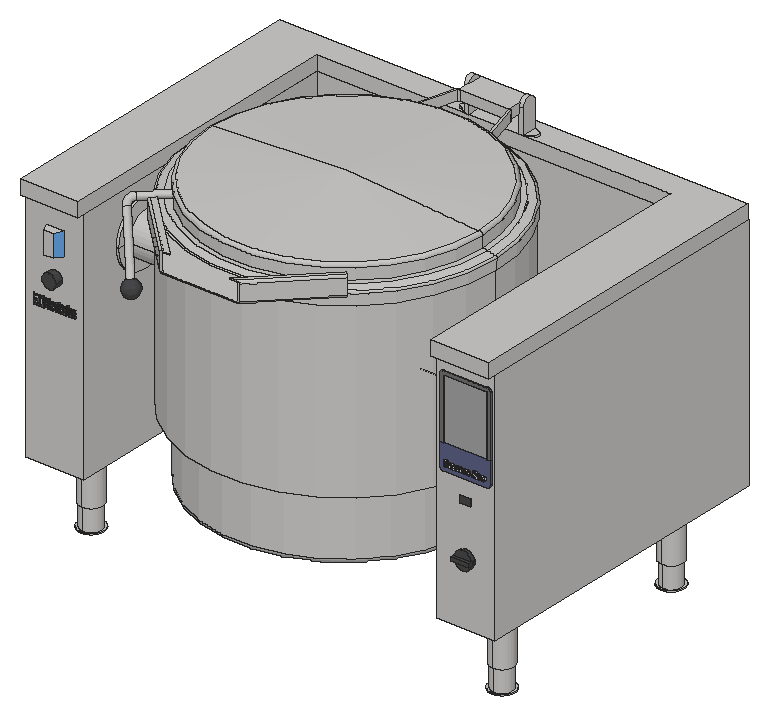
Revit family "QF_ELECTROLUXPROFESSIONAL_587160_PBOT15RCIO", category Attrezzature speciali, Revit 2020
Family settings
  Quota connettore circolare = Usa diametro
  Tipo di parte = Normale
  Basato su piano di lavoro = No
  Sempre verticale = Sì
  Taglio con vuoti quando caricato = No
  Condiviso = No
  Punto di calcolo locali = No
Parameters (values of type "Standard")
  Weight = 290.00 kg
  Watts = 24600 W
  Volts = 440 V
  URL Manufacturer = "https://www.electroluxprofessional.com/"
  URL = "https://www.electroluxprofessional.com/"
  Steam Supply Size = 0 mm
  Steam Supply Minimum Pressure = 0.0 Pa
  Steam Supply Maximum Pressure = 0.0 Pa
  Steam Consumption per Hour = 0
  Refrigeration Suction Line Size = 0.0 mm
  Refrigeration Liquid Line Size = 0.0 mm
  Refrigerant Compressor Remote = yes
  Prospetto di default = 0.0 mm
  Produttore = "Electrolux Professional"
  Phase = 3
  Modello = "PBOT15RCIO"
  Length Actual = 1300.0 mm  # constant formula
  Item Number = "587160"
  Hot Water Size = 12.7 mm
  Height Actual = 700.0 mm  # constant formula
  HP = "33 HP"
  Gas Size = 0 mm
  Gas KW = 0
  Gas Input Pressure = 0 W
  Direct Waste Size = 0 mm
  Descrizione = "ELECTRIC BOILING PAN, PREARR. FOR STIRRER, TILTING,150L,FS,440V,MARINE"
  Depth Actual = 900.0 mm  # constant formula
  Cycle = 50 Hz
  Condensate Return Size = 0 mm
  Compressed Air Volume = 0.0 L/s
  Compressed Air Size = 0 mm
  Compressed Air Pressure = 0.0 Pa
  Cold Water Size = 12.7 mm
  Accessory = yes
Reference planes
  plane 1 "Center (Front/Back)": y = 0
  plane 2: z = 0
  plane 3 "Center (Left/Right)": x = 0
  plane 4 "LEFT": x = -650
  plane 5 "RIGHT": x = 650
  plane 6 "BACK": y = 450
  plane 7 "FRONT": y = -450
  plane 8 "Base": z = 200
  plane 9 "TOP": z = 900
  plane 10: x = -490
  plane 11: x = 490
  plane 12 "Axe_PentolaY": y = -230
  plane 13 "AxePentolaZ": z = 730
  plane 14 "PLANE_TOP": z = 860
  plane 15: y = 380
  plane 16: x = -414.5
  plane 17 "PentolaH1": z = 910
  plane 18 "PentolaH2": z = 430
  plane 19 "Pentola_H3": z = 220
  plane 20: x = -378.5
  plane 21: y = -640
  plane 22 "CentroPentolaY": y = -133
  plane 23 "TopCoperchio": z = 1011
  plane 24 "Versamento": z = 940
  plane 25 "V1": through (-184.414, -566.187, 4000) normal (-0.7071, -0.7071, 0)
  plane 26 "V2": through (96.404, -654.197, 4000) normal (-0.7071, 0.7071, 0)
  plane 27 "Gfront": y = -1450
  plane 28 "LEVEL": through (-363.841, -304.214, 4000) normal (0.7071, 0.7071, 0)
  plane 29 "GRight": x = 250
  plane 30 "GLeft": x = -250
  plane 31: z = 1845
  plane 32 "Ribaltamento": y = -715
  plane 33: x = -570
  plane 34: x = 570
  plane 35 "AttaccoManiglia": z = 970
  plane 36 "GBack": y = -250
Forms (mm)
  Revolve 1, solid, material "QF_Finishes_Stainless Steel"
    sketch origin (0, 0, 730) x (-1, 0, 0) y (0, -1, 0)
      loop
        line (490, 230) -> (-490, 230) -> (-490, 140) -> (-480, 140) -> (-480, 173) -> (480, 173) -> (480, 140) -> (490, 140) -> (490, 230)
      axis (490, 230) -> (-490, 230)
    angle from 0 to 360
  Extrusion 2, solid, material "QF_Finishes_Stainless Steel"
    sketch origin (0, 0, 860) x (-1, 0, 0) y (0, -1, 0)
      loop
        line (650, 450) -> (490, 450) -> (490, -380) -> (-490, -380) -> (-490, 450) -> (-650, 450) -> (-650, -450) -> (650, -450) -> (650, 450)
    from 0 to 40
  Extrusion 3, solid, material "QF_Finishes_Stainless Steel"
    sketch origin (0, 0, 860) x (-1, 0, 0) y (0, -1, 0)
      loop
        line (490, -380) -> (-490, -380) -> (-490, -450) -> (490, -450) -> (490, -380)
    from 0 to -360
  Revolve 4, solid, material "QF_Finishes_Stainless Steel"
    sketch origin (0, -133, 0) x (-1, 0, 0) y (0, 0, 1)
      loop
        line (0, 910) -> (0, 220)
        arc (0, 220) -> (184.45, 226.112) -> (368.088, 244.449) r 2780.07
        arc (368.088, 244.449) -> (375.529, 248.439) -> (378.5, 256.343) r 12
        line (378.5, 256.343) -> (378.5, 430) -> (414.5, 430) -> (414.5, 910) -> (0, 910)
      axis (0, 910) -> (0, 220)
    angle from 0 to 360
  Revolve 5, solid, material "QF_Finishes_Stainless Steel"
    sketch origin (0, -133, 0) x (-1, 0, 0) y (0, 0, 1)
      loop
        line (419.5, 910) -> (419.5, 938.417)
        arc (419.5, 938.417) -> (418.283, 942.04) -> (415.126, 944.193) r 6
        line (415.126, 944.193) -> (394.5, 950) -> (378.5, 950) -> (378.5, 981.04)
        arc (378.5, 981.04) -> (375.943, 987.718) -> (369.58, 990.981) r 10
        arc (369.58, 990.981) -> (185.061, 1005.992) -> (0, 1011) r 3421.506
        line (0, 1011) -> (0, 910) -> (419.5, 910)
      axis (0, 1011) -> (0, 910)
    angle from 0 to 360
  Extrusion 6, solid, material "QF_Finishes_Stainless Steel"
    sketch origin (0, 0, 940) x (-1, 0, 0) y (0, -1, 0)
      loop
        line (102.116, 640) -> (-102.116, 640) -> (-271.533, 470.582) -> (-261.763, 460.812)
        arc (-261.763, 460.812) -> (0, 552.5) -> (261.763, 460.812) r 419.5
        line (261.763, 460.812) -> (271.533, 470.582) -> (102.116, 640)
    from 0 to 3
  Sweep 7, solid, material "QF_Finishes_Stainless Steel"
    path origin (0, 0, 940) x (-1, 0, 0) y (0, -1, 0)
      loop
        line (95.464, 655.137) -> (275.776, 474.825)
    profile origin (-185.62, -564.981, 940) x (-0.707107, -0.707107, 0) y (0, 0, 1)
      loop
        arc (-6, 0) -> (-1.757, 1.757) -> (0, 6) r 6
        line (0, 6) -> (0, 50)
        arc (0, 50) -> (-1.757, 54.243) -> (-6, 56) r 6
        line (-6, 56) -> (-19, 56) -> (-19, 53) -> (-6, 53)
        arc (-6, 53) -> (-3.879, 52.121) -> (-3, 50) r 3
        line (-3, 50) -> (-3, 6)
        arc (-3, 6) -> (-3.879, 3.879) -> (-6, 3) r 3
        line (-6, 3) -> (-19, 3) -> (-19, 0) -> (-6, 0)
  Sweep 8, solid, material "QF_Finishes_Stainless Steel"
    path origin (0, 0, 940) x (-1, 0, 0) y (0, -1, 0)
      loop
        line (-94.349, 656.252) -> (-275.776, 474.825)
    profile origin (185.063, -565.538, 940) x (-0.707107, 0.707107, 0) y (0, 0, 1)
      loop
        arc (0, 6) -> (1.757, 1.757) -> (6, 0) r 6
        line (6, 0) -> (19, 0) -> (19, 3) -> (6, 3)
        arc (6, 3) -> (3.879, 3.879) -> (3, 6) r 3
        line (3, 6) -> (3, 50)
        arc (3, 50) -> (3.879, 52.121) -> (6, 53) r 3
        line (6, 53) -> (19, 53) -> (19, 56) -> (6, 56)
        arc (6, 56) -> (1.757, 54.243) -> (0, 50) r 6
        line (0, 50) -> (0, 6)
  Extrusion 9, solid, material "QF_Finishes_Stainless Steel"
    sketch origin (0, 0, 0) x (0, 1, 0) y (0, 0, 1)
      loop
        line (420, 900) -> (420, 968.813)
        arc (420, 968.813) -> (400, 988.813) -> (380, 968.813) r 20
        line (380, 968.813) -> (380, 900) -> (420, 900)
    from -70 to -82
  Extrusion 10, solid, material "QF_Finishes_Stainless Steel"
    sketch origin (0, 0, 900) x (0, 1, 0) y (-1, 0, 0)
      loop
        arc (341.132, 72.4) -> (343.874, 70.425) -> (344.734, 67.158) r 5
        line (344.734, 67.158) -> (344.734, -67.158)
        arc (344.734, -67.158) -> (343.874, -70.425) -> (341.132, -72.4) r 5
        line (341.132, -72.4) -> (231.01, -103.724) -> (229.26, -109.68) -> (342.51, -77.206)
        arc (342.51, -77.206) -> (346.951, -74.535) -> (349.459, -70) r 10
        line (349.459, -70) -> (420, -70) -> (420, 70) -> (349.459, 70)
        arc (349.459, 70) -> (346.951, 74.535) -> (342.51, 77.206) r 10
        line (342.51, 77.206) -> (229.346, 109.396) -> (231.01, 103.724) -> (341.132, 72.4)
    from 50 to 77.177
  Extrusion 11, solid, material "QF_Finishes_Stainless Steel"
    sketch origin (0, 0, 0) x (0, 1, 0) y (0, 0, 1)
      loop
        line (420, 900) -> (420, 968.813)
        arc (420, 968.813) -> (400, 988.813) -> (380, 968.813) r 20
        line (380, 968.813) -> (380, 900) -> (420, 900)
    from 70 to 82
  Extrusion 12, solid, material "QF_Finishes_Stainless Steel"
    sketch origin (0, 0, 900) x (0, 1, 0) y (-1, 0, 0)
      loop
        arc (391.973, -103.927) -> (400, -108.689) -> (408.027, -103.927) r 9.146
        line (408.027, -103.927) -> (420, -82) -> (380, -82) -> (391.973, -103.927)
      loop
        line (391.973, 103.927) -> (380, 82) -> (420, 82) -> (408.027, 103.927)
        arc (408.027, 103.927) -> (400, 108.689) -> (391.973, 103.927) r 9.146
    from 0 to 3
  Extrusion 13, solid, material "QF_Door-Drawer Clearances", detail levels coarse
    sketch origin (0, 0, 0) x (0, 1, 0) y (0, 0, 1)
      loop
        line (-640, 946) -> (-640, 996)
        arc (-640, 996) -> (-711.263, 644.885) -> (-547.5, 326.229) r 541.018
        line (-547.5, 326.229) -> (-547.5, 910) -> (-552.5, 910) -> (-552.5, 940) -> (-635.757, 940)
        spline (-635.757, 940) -> (-636.311, 940.051) -> (-636.855, 940.204) -> (-637.381, 940.457) -> (-637.879, 940.804) -> (-638.34, 941.24) -> (-638.757, 941.757) -> (-639.123, 942.347) -> (-639.432, 943) -> (-639.677, 943.704) -> (-639.855, 944.447) -> (-639.964, 945.217) -> (-640, 946)
    from -100 to 100
  Extrusion 14, void
    sketch origin (0, 0, 940) x (-1, 0, 0) y (0, -1, 0)
      loop
        line (110.601, 640) -> (110.601, 657.601) -> (-110.601, 657.601) -> (-110.601, 640) -> (110.601, 640)
    from 0 to 71
  Extrusion 15, solid, material "QF_Door-Drawer Clearances", detail levels coarse
    sketch origin (0, 0, 0) x (0, 1, 0) y (0, 0, 1)
      loop
        line (420, 968.813) -> (420, 988.813) -> (369.196, 1192.575)
        arc (369.196, 1192.575) -> (324.911, 1429.101) -> (245, 1656.082) r 1570.008
        line (245, 1656.082) -> (194.38, 1845)
        arc (194.38, 1845) -> (-395.616, 1600.616) -> (-640, 1010.62) r 834.38
        line (-640, 1010.62) -> (-640, 996.062) -> (-400, 996.062)
        arc (-400, 996.062) -> (-132.5, 1011) -> (135, 996.062) r 2402.625
        line (135, 996.062) -> (245, 996.062) -> (245, 954.644) -> (380, 954.644) -> (380, 968.813)
        arc (380, 968.813) -> (400, 988.813) -> (420, 968.813) r 20
    from -100 to 100
Cuts and joins
  Extrusion 14 cuts Extrusion 6
  Extrusion 14 cuts Sweep 7
  Extrusion 14 cuts Sweep 8
  joined: Extrusion 6, Sweep 7, Sweep 8
  Extrusion 14 cuts Extrusion 13
Lines and regions (mm)
  symbolic lines
    curve 1: line (650, 450, 900) -> (-650, 450, 900)
    curve 2: line (650, -450, 900) -> (650, 450, 900)
    curve 3: line (-650, 450, 900) -> (-650, -450, 900)
    curve 4: line (-650, -450, 900) -> (-490, -450, 900)
    curve 5: line (-490, -450, 900) -> (-490, 380, 900)
    curve 6: line (490, 380, 900) -> (490, -450, 900)
    curve 7: line (490, -450, 900) -> (650, -450, 900)
    curve 8: line (-480, -140, 900) -> (-480, -320, 900)
    curve 9: line (-480, -140, 900) -> (-490, -140, 900)
    curve 10: line (-480, -320, 900) -> (-490, -320, 900)
    curve 11: line (480, -140, 900) -> (490, -140, 900)
    curve 12: line (480, -320, 900) -> (490, -320, 900)
    curve 13: line (-70, 349.459, 900) -> (-70, 420, 900)
    curve 14: line (-82, 420, 900) -> (82, 420, 900)
    curve 15: line (70, 420, 900) -> (70, 349.459, 900)
    curve 16: line (-66.757, 345, 900) -> (66.757, 345, 900)
    curve 17: line (-110.601, -640, 900) -> (-275.776, -474.825, 900)
    curve 18: line (-275.776, -474.825, 900) -> (-249.31, -448.359, 900)
    curve 19: line (-262.341, -461.39, 900) -> (-97.166, -626.565, 900)
    curve 20: line (97.166, -626.565, 900) -> (262.341, -461.39, 900)
    curve 21: line (249.31, -448.359, 900) -> (275.776, -474.825, 900)
    curve 22: line (275.776, -474.825, 900) -> (110.601, -640, 900)
    curve 23: line (-103.927, 391.973, 900) -> (-82, 380, 900)
    curve 24: arc (-103.927, 408.027, 900) -> (-108.689, 400, 900) -> (-103.927, 391.973, 900) r 9.146
    curve 25: line (-82, 420, 900) -> (-103.927, 408.027, 900)
    curve 26: line (-82, 420, 900) -> (-82, 380, 900)
    curve 27: line (82, 380, 900) -> (82, 420, 900)
    curve 28: line (103.927, 408.027, 900) -> (82, 420, 900)
    curve 29: arc (103.927, 391.973, 900) -> (108.689, 400, 900) -> (103.927, 408.027, 900) r 9.146
    curve 30: line (82, 380, 900) -> (103.927, 391.973, 900)
    curve 35: line (-490, 380, 900) -> (-70, 380, 900)
    curve 36: line (490, 380, 900) -> (70, 380, 900)
    curve 37: line (-480, -173, 900) -> (-414.188, -173, 900)
    curve 38: line (-480, -287, 900) -> (-389.822, -287, 900)
    curve 39: line (480, -172.761, 900) -> (416.676, -172.761, 900)
    curve 59: line (480, -287, 900) -> (389.209, -287, 900)
    curve 71: line (480, -320, 940) -> (480, -140, 940)
    curve 72: circle (0, -133, 940) r 378.5 normal (0, 0, 1)
    curve 73: circle (0, -133, 940) r 355.51 normal (0, 0, -1)
    curve 74: arc (-296.381, -428.564, 940) -> (302.734, 156.053, 940) -> (-308.944, -415.406, 940) r 418.569
  symbolic lines, style "SpecialityEquipmentHiddenLines"
    curve 31: line (-250, -1450, 900) -> (250, -1450, 900)
    curve 32: line (-250, -250, 900) -> (-250, -1450, 900)
    curve 33: line (250, -1450, 900) -> (250, -250, 900)
    curve 56: line (0, -1315.484, 900) -> (0, -1285.484, 900)
    curve 57: line (-15, -1300.484, 900) -> (15, -1300.484, 900)
    curve 60: arc (-72.4, 341.132, 940) -> (-70.425, 343.874, 940) -> (-67.158, 344.734, 940) r 5
    curve 61: arc (-70, 349.459, 940) -> (-74.535, 346.951, 940) -> (-77.206, 342.51, 940) r 10
    curve 62: arc (77.206, 342.51, 940) -> (74.535, 346.951, 940) -> (70, 349.459, 940) r 10
    curve 63: arc (67.158, 344.734, 940) -> (70.425, 343.874, 940) -> (72.4, 341.132, 940) r 5
    curve 68: line (-97.166, -626.565, 940) -> (-110.601, -640, 940)
    curve 69: line (97.166, -626.565, 940) -> (110.601, -640, 940)
    curve 70: line (250, -250, 940) -> (-250, -250, 940)
  symbolic lines, style "SpecialityEquipment"
    curve 34: circle (0, -1300.484, 900) r 15 normal (0, 0, 1)
    curve 40: line (210, -1450, 900) -> (210, -1250, 900)
    curve 41: line (170, -1450, 900) -> (170, -1290, 900)
    curve 42: line (130, -1450, 900) -> (130, -1330, 900)
    curve 43: line (90, -1450, 900) -> (90, -1370, 900)
    curve 44: line (90, -1410, 900) -> (250, -1410, 900)
    curve 45: line (130, -1370, 900) -> (250, -1370, 900)
    curve 46: line (170, -1330, 900) -> (250, -1330, 900)
    curve 47: line (210, -1290, 900) -> (250, -1290, 900)
    curve 48: line (-210, -1450, 900) -> (-210, -1250, 900)
    curve 49: line (-170, -1450, 900) -> (-170, -1290, 900)
    curve 50: line (-130, -1450, 900) -> (-130, -1330, 900)
    curve 51: line (-90, -1450, 900) -> (-90, -1370, 900)
    curve 52: line (-90, -1410, 900) -> (-250, -1410, 900)
    curve 53: line (-130, -1370, 900) -> (-250, -1370, 900)
    curve 54: line (-170, -1330, 900) -> (-250, -1330, 900)
    curve 55: line (-210, -1290, 900) -> (-250, -1290, 900)
    curve 58: line (-110.601, -640, 900) -> (110.601, -640, 900)
    curve 64: line (72.4, 341.132, 940) -> (103.999, 230.932, 940)
    curve 65: line (109.68, 229.26, 940) -> (77.206, 342.51, 940)
    curve 66: line (-103.724, 231.01, 940) -> (-72.4, 341.132, 940)
    curve 67: line (-77.206, 342.51, 940) -> (-109.68, 229.26, 940)
Dimensions and locks
  plane 4 "LEFT" to plane 5 "RIGHT" = 1300.0 mm
  equal spacing: plane 4 "LEFT", plane 3 "Center (Left/Right)", plane 5 "RIGHT"
  equal spacing: plane 6 "BACK", plane 1 "Center (Front/Back)", plane 7 "FRONT"
  plane 6 "BACK" to plane 7 "FRONT" = 900.0 mm
  plane 8 "Base" to level = 200.0 mm
  plane 9 "TOP" to level = 900.0 mm
  plane 9 "TOP" to plane 8 "Base" = 700.0 mm
  locked: plane 4 "LEFT" to plane 10 at 160
  locked: plane 11 to plane 5 "RIGHT" at 160
  locked: plane 6 "BACK" to plane 12 "Axe_PentolaY" at 680
  locked: plane 13 "AxePentolaZ" to plane 8 "Base" at 530
  locked: Revolve 1 sketch curve to Revolve 1 sketch curve at 57
  locked: Revolve 1 sketch curve to Revolve 1 sketch curve at 90
  locked: plane 10 to Revolve 1 sketch curve at 10
  locked: Revolve 1 sketch curve to plane 11 at 10
  locked: plane 9 "TOP" to plane 14 "PLANE_TOP" at 40
  plane 6 "BACK" to plane 15 = 70.0 mm
  locked: plane 17 "PentolaH1" to plane 13 "AxePentolaZ" at 180
  locked: plane 13 "AxePentolaZ" to plane 18 "PentolaH2" at 300
  locked: plane 18 "PentolaH2" to plane 19 "Pentola_H3" at 210
  locked: plane 3 "Center (Left/Right)" to plane 16 at 414.5
  locked: plane 3 "Center (Left/Right)" to plane 20 at 378.5
  Revolve 5 sketch curve to plane 17 "PentolaH1" = 40.0 mm
  locked: plane 16 to Revolve 5 sketch curve at 5
  plane 6 "BACK" to plane 21 = 1090.0 mm
  locked: plane 6 "BACK" to plane 22 "CentroPentolaY" at 583
  locked: plane 23 "TopCoperchio" to plane 9 "TOP" at 111
  locked: plane 24 "Versamento" to level at 940
  plane 6 "BACK" to plane 27 "Gfront" = 1900.0 mm
  locked: plane 30 "GLeft" to plane 3 "Center (Left/Right)" at 250
  locked: plane 3 "Center (Left/Right)" to plane 29 "GRight" at 250
  plane 31 to plane 9 "TOP" = 945.0 mm
  plane 6 "BACK" to plane 32 "Ribaltamento" = 1165.0 mm
  equal spacing: plane 10, plane 33, plane 4 "LEFT"
  equal spacing: plane 5 "RIGHT", plane 34, plane 11
  locked: plane 35 "AttaccoManiglia" to level at 970
  plane 6 "BACK" to plane 36 "GBack" = 700.0 mm
  aligned and locked: level to plane 2
  aligned and locked: plane 5 "RIGHT" to nested 2
  aligned and locked: plane 4 "LEFT" to nested 1
  aligned and locked: plane 8 "Base" to nested 1
  aligned and locked: plane 8 "Base" to nested 2
  aligned and locked: plane 6 "BACK" to nested 2
  aligned and locked: plane 6 "BACK" to nested 1
  aligned and locked: plane 10 to Revolve 1 sketch curve
  aligned and locked: plane 11 to Revolve 1 sketch curve
  aligned and locked: plane 4 "LEFT" to Extrusion 2 sketch curve
  aligned and locked: Extrusion 2 sketch curve to plane 10
  aligned and locked: plane 7 "FRONT" to Extrusion 2 sketch curve  (x2)
  aligned and locked: Extrusion 2 sketch curve to plane 5 "RIGHT"
  aligned and locked: plane 11 to Extrusion 2 sketch curve
  aligned and locked: Extrusion 2 sketch curve to plane 6 "BACK"
  aligned and locked: plane 15 to Extrusion 2 sketch curve
  aligned and locked: Extrusion 3 sketch curve to plane 10
  aligned and locked: plane 6 "BACK" to Extrusion 3 sketch curve
  aligned and locked: plane 11 to Extrusion 3 sketch curve
  aligned and locked: Extrusion 3 sketch curve to plane 15
  aligned and locked: plane 3 "Center (Left/Right)" to Revolve 4 sketch curve
  aligned and locked: Revolve 4 sketch curve to plane 20
  aligned and locked: Revolve 4 sketch curve to plane 18 "PentolaH2"
  aligned and locked: Revolve 4 sketch curve to plane 16
  aligned and locked: plane 17 "PentolaH1" to Revolve 4 sketch curve
  aligned and locked: Revolve 5 sketch curve to plane 17 "PentolaH1"
  aligned and locked: Extrusion 9 sketch curve to plane 15
  aligned and locked: Extrusion 9 sketch curve to Extrusion 2
  aligned and locked: curve 31 to plane 27 "Gfront"
  aligned and locked: curve 32 to plane 30 "GLeft"
  aligned and locked: plane 29 "GRight" to curve 33
  aligned and locked: plane 33 to nested 3
  aligned and locked: plane 34 to nested 4
  aligned and locked: plane 36 "GBack" to curve 70
Automatic sketch dimensions
  Revolve 4 sketch curve to plane 3 "Center (Left/Right)" = 0.0 mm
  Revolve 4 sketch curve to plane 19 "Pentola_H3" = 0.0 mm
  Revolve 4 sketch curve to plane 3 "Center (Left/Right)" = 0.201 mm
  Revolve 4 sketch curve to Revolve 4 sketch curve = 12.0 mm
  plane 19 "Pentola_H3" to Revolve 4 sketch curve = 36.343 mm
  plane 31 to Revolve 4 sketch curve = 1155.07 mm
  level to Revolve 4 sketch curve = 60.0 mm
  plane 23 "TopCoperchio" to Revolve 4 sketch curve = 179.0 mm
  Extrusion 6 sketch curve to plane 21 = 0.0 mm
  Extrusion 6 sketch curve to plane 3 "Center (Left/Right)" = 0.0 mm
  Extrusion 6 sketch curve to plane 22 "CentroPentolaY" = 0.0 mm
  plane 3 "Center (Left/Right)" to Extrusion 6 sketch curve = 102.116 mm
  plane 29 "GRight" to Extrusion 6 sketch curve = 11.763 mm
  Extrusion 6 sketch curve to Extrusion 6 sketch curve = 9.771 mm  (x2)
  Extrusion 6 sketch curve to plane 3 "Center (Left/Right)" = 102.116 mm
  Extrusion 6 sketch curve to plane 30 "GLeft" = 11.763 mm
  Extrusion 6 sketch curve to plane 7 "FRONT" = 10.812 mm
  plane 25 "V1" to Sweep 7 sketch curve = 0.0 mm
  Sweep 7 sketch curve to plane 25 "V1" = 0.0 mm
  Sweep 7 sketch curve to plane 21 = 15.137 mm
  Sweep 7 sketch curve to plane 7 "FRONT" = 24.825 mm
  Sweep 7 sketch curve to Sweep 7 sketch curve = 0.0 mm  (x4)
  plane 24 "Versamento" to Sweep 7 sketch curve = 0.0 mm
  Sweep 7 sketch curve to profile plane = 0.0 mm
  profile plane to Sweep 7 sketch curve = 3.0 mm
  Sweep 7 sketch curve to Sweep 7 sketch curve = 3.0 mm  (x2)
  Sweep 7 sketch curve to Sweep 7 sketch curve = 13.0 mm  (x2)
  Sweep 7 sketch curve to Sweep 7 sketch curve = 44.0 mm
  Sweep 8 sketch curve to plane 26 "V2" = 0.0 mm  (x2)
  Sweep 8 sketch curve to plane 7 "FRONT" = 24.825 mm
  Sweep 8 sketch curve to plane 21 = 16.252 mm
  Sweep 8 sketch curve to Sweep 8 sketch curve = 0.0 mm  (x4)
  Sweep 8 sketch curve to profile plane = 0.0 mm
  plane 24 "Versamento" to Sweep 8 sketch curve = 0.0 mm
  Sweep 8 sketch curve to Sweep 8 sketch curve = 3.0 mm  (x2)
  Sweep 8 sketch curve to profile plane = 6.0 mm
  Sweep 8 sketch curve to Sweep 8 sketch curve = 13.0 mm  (x2)
  Sweep 8 sketch curve to Sweep 8 sketch curve = 44.0 mm
  Extrusion 9 sketch curve to plane 35 "AttaccoManiglia" = 1.187 mm
  Extrusion 9 sketch curve to Extrusion 9 sketch curve = 20.0 mm
  Extrusion 11 sketch curve to plane 9 "TOP" = 0.0 mm
  Extrusion 11 sketch curve to plane 15 = 0.0 mm
  Extrusion 11 sketch curve to plane 35 "AttaccoManiglia" = 1.187 mm
  Extrusion 11 sketch curve to Extrusion 11 sketch curve = 20.0 mm
  Extrusion 12 sketch curve to plane 15 = 0.0 mm  (x2)
  plane 15 to Extrusion 12 sketch curve = 11.973 mm  (x2)
  Extrusion 12 sketch curve to Extrusion 12 sketch curve = 8.027 mm  (x4)
  Extrusion 12 sketch curve to Extrusion 12 sketch curve = 11.973 mm  (x2)
  plane 3 "Center (Left/Right)" to Extrusion 12 sketch curve = 103.927 mm
  Extrusion 12 sketch curve to Extrusion 12 sketch curve = 4.383 mm  (x2)
  Extrusion 12 sketch curve to Extrusion 12 sketch curve = 21.927 mm
  Extrusion 12 sketch curve to plane 3 "Center (Left/Right)" = 82.0 mm
  Extrusion 12 sketch curve to Extrusion 12 sketch curve = 17.543 mm
  Extrusion 13 sketch curve to plane 21 = 0.0 mm
  Extrusion 13 sketch curve to plane 24 "Versamento" = 0.0 mm
  Extrusion 13 sketch curve to plane 17 "PentolaH1" = 0.0 mm
  plane 21 to Extrusion 13 sketch curve = 4.243 mm
  plane 21 to Extrusion 13 sketch curve = 87.5 mm
  Extrusion 13 sketch curve to Extrusion 13 sketch curve = 5.0 mm
  Extrusion 13 sketch curve to plane 13 "AxePentolaZ" = 11.099 mm
  Extrusion 13 sketch curve to plane 22 "CentroPentolaY" = 42.331 mm
  plane 8 "Base" to Extrusion 13 sketch curve = 126.229 mm
  plane 24 "Versamento" to Extrusion 13 sketch curve = 6.0 mm
  Extrusion 14 sketch curve to plane 21 = 0.0 mm
  Extrusion 14 sketch curve to plane 26 "V2" = 0.0 mm
  plane 25 "V1" to Extrusion 14 sketch curve = 0.0 mm
  Extrusion 14 sketch curve to Extrusion 14 sketch curve = 17.601 mm
  Extrusion 15 sketch curve to plane 21 = 0.0 mm
  Extrusion 15 sketch curve to plane 31 = 0.0 mm
  Extrusion 15 sketch curve to plane 15 = 0.0 mm
  plane 23 "TopCoperchio" to Extrusion 15 sketch curve = 11.753 mm
  plane 27 "Gfront" to Extrusion 15 sketch curve = 258.4 mm
  Extrusion 15 sketch curve to plane 23 "TopCoperchio" = 14.938 mm  (x2)
  plane 7 "FRONT" to Extrusion 15 sketch curve = 50.0 mm
  plane 22 "CentroPentolaY" to Extrusion 15 sketch curve = 0.5 mm
  Extrusion 15 sketch curve to plane 23 "TopCoperchio" = 0.38 mm
  Extrusion 15 sketch curve to Extrusion 15 sketch curve = 50.62 mm
  Extrusion 15 sketch curve to plane 15 = 135.0 mm
  Extrusion 15 sketch curve to plane 15 = 10.804 mm
  Extrusion 15 sketch curve to plane 35 "AttaccoManiglia" = 1.187 mm
  Extrusion 15 sketch curve to Extrusion 15 sketch curve = 20.0 mm
  Extrusion 15 sketch curve to Extrusion 15 sketch curve = 14.168 mm
  Extrusion 15 sketch curve to level = 1391.625 mm
  plane 35 "AttaccoManiglia" to Extrusion 15 sketch curve = 18.813 mm
  plane 23 "TopCoperchio" to Extrusion 15 sketch curve = 181.575 mm
  curve 56 to plane 3 "Center (Left/Right)" = 0.0 mm
  curve 34 to plane 3 "Center (Left/Right)" = 0.0 mm
  curve 58 to plane 21 = 0.0 mm
  curve 18 to plane 25 "V1" = 0.0 mm
  curve 21 to plane 26 "V2" = 0.0 mm
  curve 4 to plane 4 "LEFT" = 0.0 mm
  curve 4 to plane 7 "FRONT" = 0.0 mm
  curve 6 to plane 7 "FRONT" = 0.0 mm
  curve 12 to plane 11 = 0.0 mm
  curve 10 to plane 10 = 0.0 mm
  curve 33 to plane 36 "GBack" = 0.0 mm
  curve 32 to plane 36 "GBack" = 0.0 mm
  curve 26 to plane 15 = 0.0 mm
  curve 27 to plane 15 = 0.0 mm
  curve 2 to plane 5 "RIGHT" = 0.0 mm
  curve 2 to plane 6 "BACK" = 0.0 mm
  curve 22 to plane 26 "V2" = 0.0 mm
  plane 25 "V1" to curve 17 = 0.0 mm
  plane 27 "Gfront" to curve 34 = 149.516 mm
  curve 18 to plane 7 "FRONT" = 24.825 mm
  curve 21 to plane 7 "FRONT" = 24.825 mm
  plane 10 to curve 8 = 10.0 mm
  curve 8 to plane 36 "GBack" = 70.0 mm
  curve 8 to plane 22 "CentroPentolaY" = 7.0 mm
  plane 15 to curve 30 = 11.973 mm
  plane 15 to curve 23 = 11.973 mm
  curve 23 to curve 24 = 8.027 mm
  curve 30 to curve 29 = 8.027 mm
  curve 24 to curve 25 = 8.027 mm
  curve 29 to curve 28 = 8.027 mm
  curve 28 to curve 28 = 11.973 mm
  plane 3 "Center (Left/Right)" to curve 30 = 103.927 mm
  curve 28 to curve 29 = 4.383 mm
  curve 28 to curve 27 = 21.927 mm
  curve 25 to plane 3 "Center (Left/Right)" = 82.0 mm
  curve 14 to curve 24 = 17.543 mm
  curve 24 to curve 25 = 4.383 mm
  curve 31 to curve 44 = 40.0 mm
  curve 31 to curve 52 = 40.0 mm
  curve 44 to curve 45 = 40.0 mm
  curve 52 to curve 53 = 40.0 mm
  curve 43 to curve 45 = 0.0 mm
  curve 53 to curve 51 = 0.0 mm
  curve 45 to curve 46 = 40.0 mm
  curve 53 to curve 54 = 40.0 mm
  curve 42 to curve 46 = 0.0 mm
  curve 54 to curve 50 = 0.0 mm
  curve 56 to curve 34 = 15.0 mm
  curve 34 to curve 57 = 0.0 mm
  curve 54 to curve 55 = 40.0 mm
  curve 46 to curve 47 = 40.0 mm
  curve 41 to curve 47 = 0.0 mm
  curve 55 to curve 49 = 0.0 mm
  curve 47 to curve 40 = 40.0 mm
  curve 55 to curve 48 = 40.0 mm
  plane 21 to curve 20 = 13.435 mm
  plane 21 to curve 19 = 13.435 mm
  curve 20 to plane 7 "FRONT" = 11.39 mm
  curve 19 to plane 7 "FRONT" = 11.39 mm
  plane 30 "GLeft" to curve 18 = 0.69 mm
  curve 21 to plane 29 "GRight" = 0.69 mm
  curve 12 to plane 36 "GBack" = 70.0 mm
  curve 59 to plane 11 = 10.0 mm
  curve 12 to curve 59 = 33.0 mm
  curve 38 to plane 20 = 11.322 mm
  curve 38 to plane 36 "GBack" = 37.0 mm
  curve 39 to plane 11 = 10.0 mm
  curve 39 to plane 22 "CentroPentolaY" = 39.761 mm
  plane 16 to curve 37 = 0.312 mm
  curve 37 to plane 22 "CentroPentolaY" = 40.0 mm
  curve 11 to plane 22 "CentroPentolaY" = 7.0 mm
  curve 16 to plane 15 = 35.0 mm
  curve 16 to curve 13 = 4.459 mm
  curve 16 to curve 15 = 4.459 mm
  curve 11 to plane 11 = 10.0 mm
  curve 12 to plane 11 = 10.0 mm
  curve 39 to curve 39 = 63.324 mm
  curve 59 to curve 59 = 90.791 mm
  curve 40 to plane 29 "GRight" = 40.0 mm
  curve 47 to curve 41 = 40.0 mm
  curve 41 to curve 42 = 40.0 mm
  curve 42 to curve 43 = 40.0 mm
  curve 14 to curve 15 = 12.0 mm
  curve 15 to curve 16 = 3.243 mm
  curve 16 to curve 23 = 15.243 mm
  curve 13 to curve 14 = 12.0 mm
  curve 51 to plane 3 "Center (Left/Right)" = 90.0 mm
  curve 51 to curve 53 = 40.0 mm
  curve 50 to curve 49 = 40.0 mm
  curve 49 to curve 48 = 40.0 mm
  plane 12 "Axe_PentolaY" to Revolve 1 sketch curve = 0.0 mm
  Revolve 1 sketch curve to plane 12 "Axe_PentolaY" = 0.0 mm
  plane 5 "RIGHT" to Revolve 1 sketch curve = 432.098 mm
  Revolve 1 sketch curve to plane 4 "LEFT" = 580.148 mm
  Revolve 1 sketch curve to plane 22 "CentroPentolaY" = 7.0 mm
  Revolve 5 sketch curve to plane 3 "Center (Left/Right)" = 0.0 mm  (x2)
  plane 20 to Revolve 5 sketch curve = 0.0 mm
  Revolve 5 sketch curve to plane 23 "TopCoperchio" = 0.0 mm
  plane 35 "AttaccoManiglia" to Revolve 5 sketch curve = 11.04 mm
  Revolve 5 sketch curve to Revolve 5 sketch curve = 10.0 mm
  Revolve 5 sketch curve to plane 20 = 16.0 mm
  plane 16 to Revolve 5 sketch curve = 1.0 mm
  Revolve 5 sketch curve to plane 16 = 0.626 mm
  Revolve 5 sketch curve to level = 2410.506 mm
  Revolve 5 sketch curve to plane 24 "Versamento" = 1.583 mm
  Revolve 5 sketch curve to plane 18 "PentolaH2" = 95.0 mm
  plane 23 "TopCoperchio" to Revolve 5 sketch curve = 179.0 mm
  Extrusion 10 sketch curve to Extrusion 10 sketch curve = 0.0 mm  (x4)
  Extrusion 10 sketch curve to plane 15 = 150.74 mm
  Extrusion 10 sketch curve to Extrusion 10 sketch curve = 1.75 mm
  Extrusion 10 sketch curve to plane 15 = 40.247 mm  (x2)
  Extrusion 10 sketch curve to Extrusion 10 sketch curve = 1.378 mm  (x4)
  Extrusion 10 sketch curve to Extrusion 10 sketch curve = 4.981 mm
  Extrusion 10 sketch curve to Extrusion 10 sketch curve = 4.725 mm  (x2)
  Extrusion 10 sketch curve to plane 6 "BACK" = 30.0 mm
  plane 3 "Center (Left/Right)" to Extrusion 10 sketch curve = 109.68 mm
  Extrusion 10 sketch curve to Extrusion 10 sketch curve = 5.955 mm
  plane 3 "Center (Left/Right)" to Extrusion 10 sketch curve = 77.206 mm
  Extrusion 10 sketch curve to Extrusion 10 sketch curve = 4.806 mm
  Extrusion 10 sketch curve to Extrusion 10 sketch curve = 2.4 mm
  Extrusion 10 sketch curve to plane 3 "Center (Left/Right)" = 67.158 mm
  Extrusion 10 sketch curve to Extrusion 10 sketch curve = 0.436 mm
  Extrusion 10 sketch curve to plane 3 "Center (Left/Right)" = 70.0 mm
  Extrusion 10 sketch curve to Extrusion 10 sketch curve = 113.164 mm
  Extrusion 10 sketch curve to Extrusion 10 sketch curve = 1.664 mm
  Extrusion 10 sketch curve to plane 3 "Center (Left/Right)" = 103.724 mm
  Extrusion 10 sketch curve to Extrusion 10 sketch curve = 5.672 mm
  curve 60 to curve 61 = 0.0 mm  (x2)
  curve 62 to curve 63 = 0.0 mm  (x2)
  curve 72 to curve 73 = 0.0 mm  (x2)
  curve 72 to curve 74 = 0.0 mm
  curve 73 to curve 74 = 0.0 mm
  curve 70 to plane 29 "GRight" = 0.0 mm
  curve 69 to plane 21 = 0.0 mm
  curve 69 to plane 26 "V2" = 0.0 mm
  curve 72 to plane 3 "Center (Left/Right)" = 0.0 mm
  curve 68 to plane 21 = 0.0 mm
  plane 25 "V1" to curve 68 = 0.0 mm
  curve 70 to plane 30 "GLeft" = 0.0 mm
  curve 73 to plane 22 "CentroPentolaY" = 0.0 mm
  curve 65 to plane 15 = 37.49 mm
  plane 3 "Center (Left/Right)" to curve 65 = 77.206 mm
  curve 65 to curve 64 = 4.806 mm
  curve 63 to curve 62 = 4.806 mm
  curve 61 to plane 3 "Center (Left/Right)" = 67.593 mm
  curve 66 to plane 15 = 38.868 mm
  curve 60 to curve 66 = 4.806 mm
  curve 67 to plane 15 = 37.49 mm
  curve 60 to curve 67 = 4.806 mm
  curve 65 to curve 64 = 1.378 mm
  curve 60 to curve 61 = 1.378 mm
  curve 63 to curve 63 = 1.378 mm
  curve 71 to plane 11 = 10.0 mm
  plane 3 "Center (Left/Right)" to curve 65 = 109.68 mm
  curve 65 to curve 64 = 5.681 mm
  plane 21 to curve 69 = 13.435 mm
  curve 69 to curve 69 = 13.435 mm
  curve 63 to curve 62 = 2.4 mm
  curve 62 to curve 63 = 0.436 mm
  curve 60 to curve 60 = 0.436 mm
  curve 60 to curve 61 = 2.842 mm
  plane 21 to curve 68 = 13.435 mm
  curve 68 to curve 68 = 13.435 mm
  curve 66 to plane 3 "Center (Left/Right)" = 103.724 mm
  curve 66 to curve 67 = 5.955 mm
  plane 7 "FRONT" to curve 74 = 21.436 mm
  curve 74 to plane 30 "GLeft" = 46.381 mm
  curve 74 to curve 74 = 12.564 mm
  curve 64 to curve 65 = 1.672 mm
  curve 71 to plane 22 "CentroPentolaY" = 7.0 mm
  curve 71 to plane 36 "GBack" = 70.0 mm
  radius of curve 73 = 355.51 mm
Nested families
  nested 1: "QF_ELECTROLUXPROFESSIONAL_PBOT900_LEFT" at (-570, 0, 0), type "QF_ELECTROLUXPROFESSIONAL_PBOT900_LEFT"
    with Body Finish QF_Finishes_Stainless Steel
  nested 2: "QF_ELECTROLUXPROFESSIONAL_PBOT900_RIGHT" at (570, 0, 0), type "QF_ELECTROLUXPROFESSIONAL_PBOT900_RIGHT"
    with Body Finish QF_Finishes_Stainless Steel
  nested 3: "QF_ELECTROLUXPROFESSIONAL_2FEET_THL_120xH200" at (-570, 0, 0), type "QF_ELECTROLUXPROFESSIONAL_2FEET_THL_120xH200"
  nested 4: "QF_ELECTROLUXPROFESSIONAL_2FEET_THL_120xH200" at (570, 0, 0), type "QF_ELECTROLUXPROFESSIONAL_2FEET_THL_120xH200"
  nested 5: "QF_ELECTROLUXPROFESSIONAL_PBOT900_LEVEL1" at (-274.438, -393.617, 970) x (0.7071, 0.7071, 0) z (0, 0, 1), type "QF_ELECTROLUXPROFESSIONAL_PBOT900_LEVEL1"
Connectors
  piping at (-600, 453, 395), diameter 12.7, driven by "Hot Water Size"
    settings: on nested 1, index 1, connector inside diameter 609.6 mm, connector length 0.0 mm, flow factor 0, pipe flow 0.0 L/s, pressure drop 0.0 Pa, fitting loss kfactor 0, connector angle 0.00°, fixture units 0, engagement length 0.0 mm, angle of deflection 0.00°, flow configuration 1, flow direction 1, fitting loss method 0, system type 19, joint type 0, gender type 0, connector reference index -1, connector utility 0, adjustable connector no, is connector primary yes, connector description "Hot Water Inlet"
  piping at (-600, 453, 395), diameter 12.7, driven by "Cold Water Size"
    settings: on nested 1, index 2, connector inside diameter 609.6 mm, connector length 0.0 mm, flow factor 0, pipe flow 0.0 L/s, pressure drop 0.0 Pa, fitting loss kfactor 0, connector angle 0.00°, fixture units 0, engagement length 0.0 mm, angle of deflection 0.00°, flow configuration 1, flow direction 1, fitting loss method 0, system type 20, joint type 0, gender type 0, connector reference index -1, connector utility 0, adjustable connector no, is connector primary no, connector description "Cold Water Inlet"
  electrical at (570, 450, 450), driven by "Volts"
    settings: on nested 2, index 3, voltage 440 V, apparent load 0 VA, apparent load phase1 0 VA, apparent load phase2 0 VA, apparent load phase3 0 VA, power factor 1, load classification "Other", number of poles 1, system type 30, power factor state 1, is connector primary yes, connector utility no, sub classification motor no, connector description "Electrical Connection"
Definition of nested family "QF_ELECTROLUXPROFESSIONAL_PBOT900_LEFT"
  Parameters
    Width = 160.0 mm
    Right = Width / 2  # 80.0 mm
    Default Elevation = 0.0 mm
    Left = -Width / 2  # -80.0 mm
    Htop = 40.0 mm
    Height = 900.0 mm
    HW_CW_y = 312.0 mm
    HW_CW_Border = 50.0 mm
    HBase = 200.0 mm
    Depth = 900.0 mm
    BorderFront = 20.0 mm
    Body Finish [instance] = none
  Reference planes
    plane 1 "Center (Front/Back)": y = 0
    plane 2: z = 0
    plane 3 "Center (Left/Right)": x = 0
    plane 4 "LEFT": x = -80
    plane 5 "RIGHT": x = 80
    plane 6 "BACK": y = 450
    plane 7 "FRONT": y = -450
    plane 8 "TRAYSLIDER": y = -811.8
    plane 9 "Base": z = 200
    plane 10 "TOP": z = 900
    plane 11 "BorderFront": y = -430
    plane 12: z = 860
    plane 13 "HW_CW": y = 138
    plane 14: x = -30
    plane 15: x = 30
  Forms (mm)
    Extrusion 1, solid
      sketch origin (0, 0, 0) x (1, 0, 0) y (0, 1, 0)
        loop
          line (-80, 450) -> (-80, -430) -> (80, -430) -> (80, 450) -> (-80, 450)
      from 860 to 200
    Extrusion 2, solid
      sketch origin (-1.5, -430, 0) x (-1, 0, 0) y (0, 0, 1)
        loop
          circle (-1.5, 673.484) r 20
      from 0 to -20
    Extrusion 3, solid, material <- "Body Finish"
      sketch origin (0, 450, 0) x (-1, 0, 0) y (0, 0, 1)
        loop
          circle (30, 395) r 6.35
        loop
          circle (-30, 395) r 6.35
      from 3 to 0
    Blend 4, solid, material <- "Body Finish"
      base sketch origin (0, -430, -0.233) x (-1, 0, 0) y (0, 0, 1)
        loop
          line (23.5, 800.233) -> (-23.5, 800.233) -> (-23.5, 733.433) -> (23.5, 733.433) -> (23.5, 800.233)
      top sketch origin (0, -430, -0.233) x (-1, 0, 0) y (0, 0, 1)
        loop
          line (13.448, 797.45) -> (-13.448, 797.45) -> (-13.448, 736.216) -> (13.448, 736.216) -> (13.448, 797.45)
      from 0 to -20
    Extrusion 5, solid
      sketch origin (-12.54, -430, 23) x (-1, 0, 0) y (0, 0, 1)
        loop
          line (5.327, 593.058) -> (5.327, 590.846) -> (11.437, 590.846) -> (11.437, 587.616) -> (5.692, 587.616) -> (5.692, 585.398) -> (11.437, 585.398) -> (11.437, 583.444)
          arc (11.437, 583.444) -> (10.839, 582.088) -> (9.435, 581.614) r 1.838
          line (9.435, 581.614) -> (5.163, 581.614) -> (5.163, 579.403) -> (9.986, 579.403)
          arc (9.986, 579.403) -> (12.674, 580.517) -> (13.788, 583.205) r 3.802
          line (13.788, 583.205) -> (13.788, 593.058) -> (5.327, 593.058)
        loop
          line (3.492, 593.058) -> (1.141, 593.058) -> (1.141, 579.403) -> (3.492, 579.403) -> (3.492, 593.058)
        loop
          line (-47.588, 593.058) -> (-49.941, 593.058) -> (-49.941, 579.403) -> (-47.588, 579.403) -> (-47.588, 593.058)
        loop
          arc (-2.749, 583.764) -> (-3.194, 582.272) -> (-4.489, 581.409) r 2.29
          arc (-4.489, 581.409) -> (-6.614, 581.225) -> (-8.443, 582.322) r 3.458
          line (-8.443, 582.322) -> (-9.836, 580.928)
          arc (-9.836, 580.928) -> (-7.685, 579.48) -> (-5.119, 579.102) r 5.86
          arc (-5.119, 579.102) -> (-1.823, 580.467) -> (-0.457, 583.764) r 4.662
          arc (-0.457, 583.764) -> (-1.495, 587.706) -> (-5.131, 589.55) r 4.976
          arc (-5.131, 589.55) -> (-9.259, 588.004) -> (-10.466, 583.764) r 4.89
          line (-10.466, 583.764) -> (-2.749, 583.764)
        loop
          arc (-2.808, 585.417) -> (-3.843, 587.066) -> (-5.727, 587.557) r 2.64
          arc (-5.727, 587.557) -> (-7.36, 586.981) -> (-8.104, 585.417) r 2.256
          line (-8.104, 585.417) -> (-2.808, 585.417)
        loop
          arc (-19.634, 586.402) -> (-17.741, 587.437) -> (-15.609, 587.112) r 3.369
          arc (-15.609, 587.112) -> (-14.276, 585.699) -> (-14.118, 583.764) r 2.933
          arc (-14.118, 583.764) -> (-16.389, 581.316) -> (-19.559, 582.365) r 3.088
          line (-19.559, 582.365) -> (-21.028, 580.896)
          arc (-21.028, 580.896) -> (-14.811, 579.611) -> (-11.775, 585.186) r 5.33
          arc (-11.775, 585.186) -> (-13.576, 588.365) -> (-17.009, 589.62) r 5.293
          arc (-17.009, 589.62) -> (-19.259, 589.219) -> (-21.111, 587.878) r 5.117
          line (-21.111, 587.878) -> (-19.634, 586.402)
        loop
          line (-22.556, 593.058) -> (-24.908, 593.058) -> (-24.908, 589.279) -> (-27.044, 589.279) -> (-27.044, 587.143) -> (-24.908, 587.143) -> (-24.908, 583.764)
          arc (-24.908, 583.764) -> (-25.11, 582.682) -> (-25.866, 581.883) r 1.949
          arc (-25.866, 581.883) -> (-26.455, 581.649) -> (-27.088, 581.601) r 2.118
          line (-27.088, 581.601) -> (-27.088, 579.397)
          arc (-27.088, 579.397) -> (-24.962, 579.678) -> (-23.283, 581.013) r 4.018
          arc (-23.283, 581.013) -> (-22.759, 582.327) -> (-22.556, 583.727) r 6.031
          line (-22.556, 583.727) -> (-22.556, 593.058)
        loop
          line (-31.355, 584.595) -> (-31.355, 579.403) -> (-29.023, 579.403) -> (-29.023, 589.279) -> (-31.355, 589.279) -> (-31.355, 587.855)
          arc (-31.355, 587.855) -> (-32.932, 589.208) -> (-35.001, 589.403) r 3.432
          line (-35.001, 589.403) -> (-35.001, 587.143)
          arc (-35.001, 587.143) -> (-33.417, 587.175) -> (-32.009, 586.452) r 3.231
          arc (-32.009, 586.452) -> (-31.523, 585.579) -> (-31.355, 584.595) r 2.967
        loop
          circle (-40.752, 584.339) r 5.233
        loop
          circle (-40.752, 584.339) r 3.172
        loop
          line (-58.424, 583.516) -> (-58.424, 589.279) -> (-60.794, 589.279) -> (-60.794, 583.417)
          arc (-60.794, 583.417) -> (-59.481, 580.276) -> (-56.268, 579.153) r 4.181
          arc (-56.268, 579.153) -> (-53.09, 580.243) -> (-51.74, 583.32) r 4.181
          line (-51.74, 583.32) -> (-51.74, 589.279) -> (-54.111, 589.279) -> (-54.111, 583.516)
          arc (-54.111, 583.516) -> (-54.692, 581.919) -> (-56.268, 581.283) r 2.088
          arc (-56.268, 581.283) -> (-57.843, 581.919) -> (-58.424, 583.516) r 2.088
        loop
          line (-62.216, 589.279) -> (-64.76, 589.279) -> (-66.89, 586.347) -> (-69.053, 589.279) -> (-71.621, 589.279) -> (-68.238, 584.695) -> (-71.937, 579.4) -> (-69.425, 579.4) -> (-66.898, 582.879) -> (-64.408, 579.4) -> (-61.879, 579.4) -> (-65.631, 584.642) -> (-62.216, 589.279)
        loop
          arc (12.465, 573.743) -> (10.91, 572.325) -> (12.18, 570.647) r 1.561
          line (12.18, 570.647) -> (13.314, 570.647) -> (13.314, 569.021) -> (14.34, 569.021) -> (14.34, 573.743) -> (12.465, 573.743)
        loop
          line (12.224, 571.575) -> (13.314, 571.575) -> (13.314, 572.789) -> (12.224, 572.789)
          arc (12.224, 572.789) -> (11.836, 572.182) -> (12.224, 571.575) r 0.668
        loop
          arc (5.055, 573.743) -> (3.966, 573.299) -> (3.497, 572.221) r 1.559
          arc (3.497, 572.221) -> (3.646, 571.544) -> (4.091, 571.012) r 1.458
          line (4.091, 571.012) -> (3.163, 569.021) -> (4.265, 569.021) -> (4.944, 570.647) -> (5.937, 570.647) -> (5.937, 569.021) -> (6.963, 569.021) -> (6.963, 573.743) -> (5.055, 573.743)
        loop
          line (5.937, 572.789) -> (4.847, 572.789)
          arc (4.847, 572.789) -> (4.459, 572.182) -> (4.847, 571.575) r 0.668
          line (4.847, 571.575) -> (5.937, 571.575) -> (5.937, 572.789)
        loop
          circle (-2.866, 571.382) r 2.453
        loop
          circle (-2.866, 571.382) r 1.557
        loop
          line (-9.35, 573.743) -> (-12.299, 573.743) -> (-12.299, 572.725) -> (-10.352, 572.725) -> (-10.352, 571.729) -> (-12.129, 571.729) -> (-12.129, 570.671) -> (-10.352, 570.671) -> (-10.352, 569.021) -> (-9.35, 569.021) -> (-9.35, 573.743)
        loop
          line (-16.282, 573.743) -> (-19.27, 573.743) -> (-19.27, 572.851) -> (-17.252, 572.851) -> (-17.252, 571.921) -> (-19.139, 571.921) -> (-19.139, 571.029) -> (-17.252, 571.029)
          arc (-17.252, 571.029) -> (-17.355, 570.353) -> (-17.883, 569.916) r 0.961
          line (-17.883, 569.916) -> (-19.316, 569.916) -> (-19.316, 569.024) -> (-17.792, 569.024)
          arc (-17.792, 569.024) -> (-16.717, 569.474) -> (-16.282, 570.555) r 1.51
          line (-16.282, 570.555) -> (-16.282, 573.743)
        loop
          line (-33.381, 573.145) -> (-32.842, 572.436)
          arc (-32.842, 572.436) -> (-32.43, 572.802) -> (-31.895, 572.931) r 1.135
          arc (-31.895, 572.931) -> (-31.448, 572.574) -> (-31.757, 572.093) r 0.427
          arc (-31.757, 572.093) -> (-32.293, 571.892) -> (-32.815, 571.659) r 9.371
          arc (-32.815, 571.659) -> (-33.228, 571.39) -> (-33.551, 571.017) r 1.779
          arc (-33.551, 571.017) -> (-33.7, 570.209) -> (-33.41, 569.439) r 1.535
          arc (-33.41, 569.439) -> (-32.755, 569.091) -> (-32.028, 568.946) r 2.556
          arc (-32.028, 568.946) -> (-31.439, 569.005) -> (-30.895, 569.238) r 1.957
          arc (-30.895, 569.238) -> (-30.416, 569.671) -> (-30.118, 570.245) r 1.815
          line (-30.118, 570.245) -> (-30.944, 570.63)
          arc (-30.944, 570.63) -> (-31.179, 570.219) -> (-31.563, 569.943) r 1.118
          arc (-31.563, 569.943) -> (-32.007, 569.83) -> (-32.453, 569.935) r 0.963
          arc (-32.453, 569.935) -> (-32.693, 570.417) -> (-32.345, 570.828) r 0.489
          arc (-32.345, 570.828) -> (-31.793, 571.095) -> (-31.211, 571.289) r 4.78
          arc (-31.211, 571.289) -> (-30.52, 572.116) -> (-30.631, 573.188) r 1.385
          arc (-30.631, 573.188) -> (-31.232, 573.642) -> (-31.964, 573.821) r 1.872
          arc (-31.964, 573.821) -> (-32.756, 573.658) -> (-33.381, 573.145) r 1.69
        loop
          line (-37.714, 573.743) -> (-38.684, 573.743) -> (-38.684, 569.024) -> (-37.714, 569.024) -> (-37.714, 573.743)
        loop
          circle (-45.226, 571.384) r 1.468
        loop
          circle (-45.226, 571.384) r 2.451
        loop
          line (-51.736, 569.024) -> (-51.736, 573.743) -> (-52.679, 573.743) -> (-54.838, 570.686) -> (-54.838, 573.743) -> (-55.818, 573.743) -> (-55.818, 569.024) -> (-54.875, 569.024) -> (-52.716, 571.991) -> (-52.716, 569.024) -> (-51.736, 569.024)
        loop
          line (-60.71, 569.024) -> (-59.668, 569.024) -> (-61.514, 573.743) -> (-62.424, 573.743) -> (-64.417, 569.024) -> (-63.375, 569.024) -> (-62.915, 570.042) -> (-61.17, 570.042) -> (-60.71, 569.024)
        loop
          line (-62.48, 571.01) -> (-61.558, 571.01) -> (-62.012, 572.047) -> (-62.48, 571.01)
        loop
          line (-69.237, 569.916) -> (-71.051, 569.916) -> (-71.051, 569.024) -> (-68.266, 569.024) -> (-68.266, 573.743) -> (-69.237, 573.743) -> (-69.237, 569.916)
        loop
          line (-26.307, 573.145) -> (-25.768, 572.436)
          arc (-25.768, 572.436) -> (-25.356, 572.802) -> (-24.821, 572.931) r 1.135
          arc (-24.821, 572.931) -> (-24.373, 572.574) -> (-24.683, 572.093) r 0.427
          arc (-24.683, 572.093) -> (-25.218, 571.892) -> (-25.74, 571.659) r 9.371
          arc (-25.74, 571.659) -> (-26.153, 571.39) -> (-26.476, 571.017) r 1.779
          arc (-26.476, 571.017) -> (-26.625, 570.209) -> (-26.336, 569.439) r 1.535
          arc (-26.336, 569.439) -> (-25.681, 569.091) -> (-24.953, 568.946) r 2.556
          arc (-24.953, 568.946) -> (-24.365, 569.005) -> (-23.821, 569.238) r 1.957
          arc (-23.821, 569.238) -> (-23.341, 569.671) -> (-23.044, 570.245) r 1.815
          line (-23.044, 570.245) -> (-23.87, 570.63)
          arc (-23.87, 570.63) -> (-24.105, 570.219) -> (-24.488, 569.943) r 1.118
          arc (-24.488, 569.943) -> (-24.933, 569.83) -> (-25.379, 569.935) r 0.963
          arc (-25.379, 569.935) -> (-25.619, 570.417) -> (-25.27, 570.828) r 0.489
          arc (-25.27, 570.828) -> (-24.718, 571.095) -> (-24.137, 571.289) r 4.78
          arc (-24.137, 571.289) -> (-23.445, 572.116) -> (-23.556, 573.188) r 1.385
          arc (-23.556, 573.188) -> (-24.158, 573.642) -> (-24.889, 573.821) r 1.872
          arc (-24.889, 573.821) -> (-25.681, 573.658) -> (-26.307, 573.145) r 1.69
        loop
          arc (28.462, 593.245) -> (19.282, 580.828) -> (28.462, 568.412) r 12.987
          line (28.462, 568.412) -> (28.462, 593.245)
        loop
          line (29.418, 593.324) -> (29.418, 591.35)
          arc (29.418, 591.35) -> (32.835, 584.89) -> (39.417, 581.715) r 11.707
          line (39.417, 581.715) -> (45.017, 581.715)
          arc (45.017, 581.715) -> (39.886, 591.105) -> (29.418, 593.324) r 12.809
        loop
          line (29.725, 570.21) -> (29.725, 568.093)
          arc (29.725, 568.093) -> (40.061, 570.682) -> (45.028, 580.108) r 13.06
          line (45.028, 580.108) -> (40.92, 580.108)
          arc (40.92, 580.108) -> (33.58, 577.129) -> (29.725, 570.21) r 11.93
        loop
          line (45.971, 594.6) -> (18.333, 594.6) -> (18.333, 567) -> (45.971, 567) -> (45.971, 594.6)
      from -1.6 to 0
    Extrusion 6, solid
      sketch origin (0, 0, 200) x (0, 1, 0) y (-1, 0, 0)
        loop
          circle (138, 30) r 5
        loop
          circle (138, -30) r 5
      from 0 to -3
  Lines and regions (mm)
    symbolic lines
      curve 1: line (80, 450, 0) -> (-80, 450, 0)
      curve 2: line (-80, 450, 0) -> (-80, -430, 0)
  Dimensions and locks
    "Width": plane 4 "LEFT" to plane 5 "RIGHT"
    equal spacing: plane 4 "LEFT", plane 3 "Center (Left/Right)", plane 5 "RIGHT"
    equal spacing: plane 6 "BACK", plane 1 "Center (Front/Back)", plane 7 "FRONT"
    "Depth": plane 6 "BACK" to plane 7 "FRONT"
    "BorderFront": plane 11 "BorderFront" to plane 7 "FRONT"
    "Htop": plane 10 "TOP" to plane 12
    "Height": plane 10 "TOP" to level
    "HBase": plane 9 "Base" to level
    "HW_CW_y": plane 6 "BACK" to plane 13 "HW_CW"
    "HW_CW_Border": plane 4 "LEFT" to plane 14
    "HW_CW_Border": plane 15 to plane 5 "RIGHT"
    aligned and locked: level to plane 2
    aligned and locked: plane 11 "BorderFront" to Extrusion 1 sketch curve
    aligned and locked: plane 12 to Extrusion 1
    aligned and locked: Extrusion 1 to plane 9 "Base"
    aligned and locked: plane 4 "LEFT" to Extrusion 1 sketch curve
    aligned and locked: Extrusion 1 sketch curve to plane 5 "RIGHT"
    aligned and locked: Extrusion 1 sketch curve to plane 6 "BACK"
  Automatic sketch dimensions
    curve 2 to plane 4 "LEFT" = 0.0 mm
    curve 1 to plane 5 "RIGHT" = 0.0 mm
    curve 2 to plane 11 "BorderFront" = 0.0 mm
    curve 2 to plane 6 "BACK" = 0.0 mm
    Extrusion 2 sketch curve to plane 3 "Center (Left/Right)" = 0.0 mm
    Extrusion 2 sketch curve to plane 12 = 186.516 mm
    plane 3 "Center (Left/Right)" to Extrusion 3 sketch curve = 30.0 mm
    Extrusion 3 sketch curve to plane 3 "Center (Left/Right)" = 30.0 mm
    plane 9 "Base" to Extrusion 3 sketch curve = 195.0 mm
    Extrusion 3 sketch curve to Extrusion 3 sketch curve = 0.0 mm
    plane 3 "Center (Left/Right)" to Blend 4 sketch curve = 23.5 mm
    Blend 4 sketch curve to plane 3 "Center (Left/Right)" = 23.5 mm
    Blend 4 sketch curve to plane 12 = 126.8 mm
    Blend 4 sketch curve to plane 12 = 60.0 mm
    plane 3 "Center (Left/Right)" to Blend 4 sketch curve = 13.448 mm
    Blend 4 sketch curve to plane 3 "Center (Left/Right)" = 13.448 mm
    Blend 4 sketch curve to plane 12 = 124.017 mm
    Blend 4 sketch curve to Blend 4 sketch curve = 61.233 mm
    Extrusion 5 sketch curve to Extrusion 5 sketch curve = 0.0 mm  (x33)
    Extrusion 5 sketch curve to plane 10 "TOP" = 297.6 mm  (x2)
    Extrusion 5 sketch curve to plane 5 "RIGHT" = 20.603 mm
    Extrusion 5 sketch curve to plane 10 "TOP" = 287.721 mm  (x2)
    Extrusion 5 sketch curve to Extrusion 5 sketch curve = 0.317 mm
    Extrusion 5 sketch curve to Extrusion 5 sketch curve = 0.886 mm
    Extrusion 5 sketch curve to Extrusion 5 sketch curve = 2.512 mm
    Extrusion 5 sketch curve to Extrusion 5 sketch curve = 1.815 mm
    Extrusion 5 sketch curve to Extrusion 5 sketch curve = 2.567 mm
    Extrusion 5 sketch curve to Extrusion 5 sketch curve = 0.97 mm  (x3)
    Extrusion 5 sketch curve to plane 10 "TOP" = 292.305 mm
    Extrusion 5 sketch curve to Extrusion 5 sketch curve = 0.815 mm  (x2)
    Extrusion 5 sketch curve to plane 10 "TOP" = 294.121 mm
    Extrusion 5 sketch curve to Extrusion 5 sketch curve = 1.341 mm
    Extrusion 5 sketch curve to plane 10 "TOP" = 290.653 mm
    Extrusion 5 sketch curve to Extrusion 5 sketch curve = 1.348 mm
    Extrusion 5 sketch curve to plane 10 "TOP" = 292.358 mm
    Extrusion 5 sketch curve to Extrusion 5 sketch curve = 1.259 mm
    Extrusion 5 sketch curve to Extrusion 5 sketch curve = 2.13 mm
    Extrusion 5 sketch curve to Extrusion 5 sketch curve = 3.849 mm
    Extrusion 5 sketch curve to Extrusion 5 sketch curve = 2.49 mm
    Extrusion 5 sketch curve to plane 10 "TOP" = 307.976 mm  (x2)
    Extrusion 5 sketch curve to Extrusion 5 sketch curve = 1.043 mm
    Extrusion 5 sketch curve to plane 10 "TOP" = 306.958 mm
    Extrusion 5 sketch curve to Extrusion 5 sketch curve = 0.46 mm  (x2)
    Extrusion 5 sketch curve to plane 10 "TOP" = 305.99 mm
    Extrusion 5 sketch curve to Extrusion 5 sketch curve = 0.435 mm  (x3)
    Extrusion 5 sketch curve to plane 10 "TOP" = 303.257 mm  (x2)
    Extrusion 5 sketch curve to Extrusion 5 sketch curve = 0.055 mm  (x2)
    Extrusion 5 sketch curve to Extrusion 5 sketch curve = 2.544 mm
    Extrusion 5 sketch curve to plane 10 "TOP" = 304.953 mm
    Extrusion 5 sketch curve to Extrusion 5 sketch curve = 0.468 mm
    Extrusion 5 sketch curve to Extrusion 5 sketch curve = 2.528 mm
    Extrusion 5 sketch curve to Extrusion 5 sketch curve = 0.922 mm
    Extrusion 5 sketch curve to Extrusion 5 sketch curve = 0.91 mm
    Extrusion 5 sketch curve to Extrusion 5 sketch curve = 0.388 mm
    Extrusion 5 sketch curve to Extrusion 5 sketch curve = 1.422 mm
    Extrusion 5 sketch curve to Extrusion 5 sketch curve = 1.042 mm
    Extrusion 5 sketch curve to Extrusion 5 sketch curve = 2.371 mm
    Extrusion 5 sketch curve to Extrusion 5 sketch curve = 1.809 mm  (x2)
    Extrusion 5 sketch curve to Extrusion 5 sketch curve = 0.273 mm  (x2)
    Extrusion 5 sketch curve to Extrusion 5 sketch curve = 0.147 mm
    Extrusion 5 sketch curve to Extrusion 5 sketch curve = 5.696 mm
    Extrusion 5 sketch curve to Extrusion 5 sketch curve = 0.943 mm
    Extrusion 5 sketch curve to Extrusion 5 sketch curve = 0.037 mm  (x2)
    Extrusion 5 sketch curve to plane 10 "TOP" = 305.009 mm
    Extrusion 5 sketch curve to Extrusion 5 sketch curve = 2.122 mm
    Extrusion 5 sketch curve to Extrusion 5 sketch curve = 2.372 mm
    Extrusion 5 sketch curve to Extrusion 5 sketch curve = 0.944 mm
    Extrusion 5 sketch curve to Extrusion 5 sketch curve = 1.799 mm
    Extrusion 5 sketch curve to Extrusion 5 sketch curve = 2.353 mm
    Extrusion 5 sketch curve to Extrusion 5 sketch curve = 6.509 mm
    Extrusion 5 sketch curve to Extrusion 5 sketch curve = 6.836 mm
    Extrusion 5 sketch curve to Extrusion 5 sketch curve = 2.068 mm
    Extrusion 5 sketch curve to Extrusion 5 sketch curve = 5.751 mm
    Extrusion 5 sketch curve to Extrusion 5 sketch curve = 0.679 mm
    Extrusion 5 sketch curve to Extrusion 5 sketch curve = 0.728 mm
    Extrusion 5 sketch curve to Extrusion 5 sketch curve = 0.178 mm
    Extrusion 5 sketch curve to Extrusion 5 sketch curve = 4.332 mm
    Extrusion 5 sketch curve to plane 10 "TOP" = 304.564 mm  (x2)
    Extrusion 5 sketch curve to Extrusion 5 sketch curve = 0.539 mm  (x2)
    Extrusion 5 sketch curve to Extrusion 5 sketch curve = 0.634 mm  (x2)
    Extrusion 5 sketch curve to Extrusion 5 sketch curve = 0.036 mm  (x2)
    Extrusion 5 sketch curve to Extrusion 5 sketch curve = 0.114 mm  (x2)
    Extrusion 5 sketch curve to Extrusion 5 sketch curve = 0.807 mm  (x2)
    Extrusion 5 sketch curve to Extrusion 5 sketch curve = 0.007 mm  (x2)
    Extrusion 5 sketch curve to Extrusion 5 sketch curve = 0.156 mm  (x2)
    Extrusion 5 sketch curve to Extrusion 5 sketch curve = 0.005 mm  (x2)
    Extrusion 5 sketch curve to Extrusion 5 sketch curve = 0.083 mm  (x2)
    Extrusion 5 sketch curve to Extrusion 5 sketch curve = 0.13 mm  (x4)
    Extrusion 5 sketch curve to Extrusion 5 sketch curve = 0.009 mm  (x2)
    Extrusion 5 sketch curve to Extrusion 5 sketch curve = 0.159 mm  (x2)
    Extrusion 5 sketch curve to Extrusion 5 sketch curve = 0.075 mm  (x2)
    Extrusion 5 sketch curve to Extrusion 5 sketch curve = 0.025 mm  (x2)
    Extrusion 5 sketch curve to Extrusion 5 sketch curve = 2.918 mm
    Extrusion 5 sketch curve to Extrusion 5 sketch curve = 2.789 mm
    Extrusion 5 sketch curve to plane 10 "TOP" = 306.37 mm  (x2)
    Extrusion 5 sketch curve to Extrusion 5 sketch curve = 0.908 mm  (x2)
    Extrusion 5 sketch curve to plane 10 "TOP" = 306.755 mm  (x2)
    Extrusion 5 sketch curve to Extrusion 5 sketch curve = 0.826 mm  (x2)
    Extrusion 5 sketch curve to Extrusion 5 sketch curve = 0.126 mm  (x3)
    Extrusion 5 sketch curve to Extrusion 5 sketch curve = 2.333 mm
    Extrusion 5 sketch curve to Extrusion 5 sketch curve = 1.257 mm  (x2)
